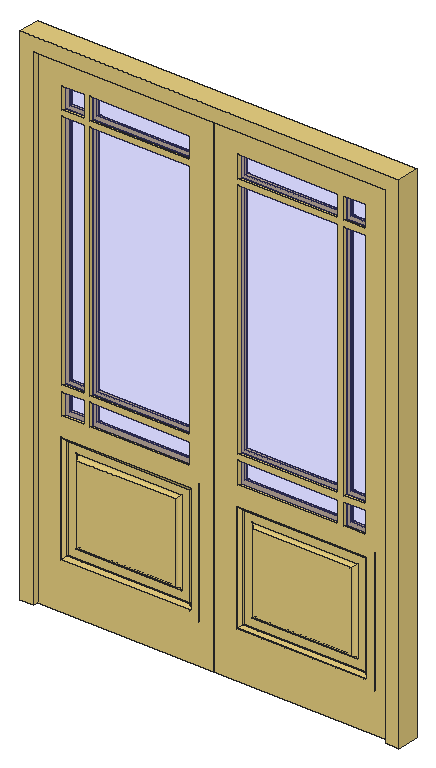
Revit family "DTI_A3-2032X1511-Square-Happy-Door", category Doors, host Wall, Revit 2016
Family settings
  Host = Wall
  Always vertical = Yes
  Cut with Voids When Loaded = No
  Shared = No
  Room Calculation Point = No
Parameters (values of type "2032 x 1511 Square - Happy Door")
  URL = "http://www.kparkerjoinery.co.za/"
  Panel Width = Width - (Frame Width * 2)  # 1401 mm
  Panel Height = Height - Frame Width  # 1977 mm
  Model = "Double"
  Manufcturer Code = "Square - Happy Door"
  Manufacturer = "K. Parker Joinery"
  Height = 2032 mm
  Wall Closure = By host
  Width = 1511 mm
  Half = Panel Width / 2  # 700.5 mm
  Glass Material = Glass
  Function = Interior
  Frame Width = 55 mm
  Frame Thickness = 85 mm
  Frame Material = Kiln Dried Wood
  Assembly Code = "B2030130"
Reference planes
  plane 1 "Center": y = 0
  plane 2 "Center (Left/Right)": x = 0
  plane 3 "Left": x = -755.5
  plane 4 "Right": x = 755.5
  plane 5: z = 2032
  plane 6 "Exterior": y = 75
  plane 7 "Interior": y = -75
Forms (mm)
  Sweep 1, solid, material "Kiln Dried Wood" <- "Frame Material"
    path origin (0, 0, 0) x (1, 0, 0) y (0, 0, 1)
      loop
        line (755.5, 0) -> (755.5, 2032) -> (-755.5, 2032) -> (-755.5, 0)
    profile origin (0, 0, 2032) x (0, 0, -1) y (0, -1, 0)
      loop
        line (0, -42.5) -> (55, -42.5) -> (55, 42.5) -> (0, 42.5) -> (0, -42.5)
Lines and regions (mm)
  Opening 1
    outline origin (-3050, -75, 0) x (1, 0, 0) y (0, 0, 1)
      loop
        line (2294.5, 0) -> (3805.5, 0) -> (3805.5, 2032) -> (2294.5, 2032) -> (2294.5, 0)
  symbolic lines, style "Elevation Swing"
    curve 1: line (700.5, 0, 1977) -> (0, 0, 988.5)
    curve 2: line (0, 0, 988.5) -> (700.5, 0, 0)
    curve 3: line (-700.5, 0, 1977) -> (0, 0, 988.5)
    curve 4: line (-700.5, 0, 0) -> (0, 0, 988.5)
  symbolic lines, style "Plan Swing"
    curve 5: line (-700.5, 22, 0) -> (-700.5, 722.5, 0)
    curve 6: line (-700.5, 722.5, 0) -> (-656.5, 722.5, 0)
    curve 7: line (-656.5, 722.5, 0) -> (-656.5, 22, 0)
    curve 8: line (-656.5, 22, 0) -> (-700.5, 22, 0)
    curve 9: arc (-700.5, 722.5, 0) -> (-205.172, 517.328, 0) -> (0, 22, 0) r 700.5
    curve 10: line (700.5, 22, 0) -> (700.5, 722.5, 0)
    curve 11: line (700.5, 722.5, 0) -> (656.5, 722.5, 0)
    curve 12: line (656.5, 722.5, 0) -> (656.5, 22, 0)
    curve 13: line (656.5, 22, 0) -> (700.5, 22, 0)
    curve 14: arc (700.5, 722.5, 0) -> (205.172, 517.328, 0) -> (0, 22, 0) r 700.5
Text (mm)
  text "Exterior" at (-2295.016, 1099.543, 0), in view "Ref. Level"
  text "Exterior" at (0, 1615.38, 3698.081), in view "Left"
  text "Exterior" at (0, 1036.032, 3874.932), in view "Right"
Dimensions and locks
  equal spacing: plane 3 "Left", plane 2 "Center (Left/Right)", plane 4 "Right"
  "Width": plane 3 "Left" to plane 4 "Right"
  "Height": plane 5 to host wall
  locked: plane 6 "Exterior" to host wall at 0
  locked: plane 7 "Interior" to host wall
  equal spacing: Sweep 1 sketch curve, profile plane, Sweep 1 sketch curve
  "Frame Thickness": Sweep 1 sketch curve to Sweep 1 sketch curve
  "Frame Width": Sweep 1 sketch curve to Sweep 1 sketch curve
  "Half": curve 8 to curve 6
  "Half": curve 13 to curve 11
  aligned and locked: plane 3 "Left" to Opening 1 sketch curve
  aligned and locked: plane 5 to Opening 1 sketch curve  (x2)
  aligned and locked: Opening 1 sketch curve to plane 4 "Right"
  aligned and locked: Opening 1 sketch curve to level
  aligned and locked: plane 1 "Center" to host wall
  aligned and locked: level to Sweep 1 sketch curve  (x2)
  aligned and locked: plane 5 to Sweep 1 sketch curve
  aligned and locked: Sweep 1 sketch curve to plane 4 "Right"
  aligned and locked: Sweep 1 sketch curve to plane 3 "Left"
  aligned and locked: Sweep 1 sketch curve to profile plane
  aligned and locked: plane 2 "Center (Left/Right)" to nested 1
  aligned and locked: plane 1 "Center" to nested 1
Automatic sketch dimensions
  curve 4 to level = 0 mm
  curve 2 to plane 2 "Center (Left/Right)" = 0 mm
  curve 2 to level = 0 mm
  curve 3 to plane 3 "Left" = 55 mm
  curve 4 to plane 3 "Left" = 55 mm
  plane 4 "Right" to curve 2 = 55 mm
  plane 4 "Right" to curve 1 = 55 mm
  level to curve 2 = 988.5 mm
  plane 5 to curve 3 = 55 mm
  plane 5 to curve 1 = 55 mm
  curve 9 to plane 2 "Center (Left/Right)" = 0 mm
  curve 8 to host wall = 22 mm
  curve 9 to curve 6 = 44 mm
  curve 9 to curve 5 = 0 mm
  curve 14 to plane 2 "Center (Left/Right)" = 0 mm
  curve 12 to host wall = 22 mm
  plane 4 "Right" to curve 12 = 99 mm
  curve 11 to curve 11 = 44 mm
Nested families
  nested 1: "Happy Door - Double" at (0, 0, 0) x (-1, 0, 0) z (0, 0, 1), type "Happy Door - Double", detail levels medium+fine
    with Width 1401 mm, Height 1977 mm
Definition of nested family "Happy Door - Double"
  Parameters
    Width = 1206 mm
    Height = 2032 mm
    Glass Material = none
    Frame Material = none
  Reference planes
    plane 1 "Center (Front/Back)": y = 0
    plane 2: z = 0
    plane 3 "Center (Left/Right)": x = 0
    plane 4: x = -603
    plane 5: x = 603
    plane 6: z = 2032
    plane 7: z = 1972
    plane 8: z = 155
    plane 9: z = 1354.667
    plane 10: z = 677.333
    plane 11: z = 682.583
    plane 12: z = 672.083
    plane 13: x = -543
    plane 14: x = -60
    plane 15: x = 60
    plane 16: x = 543
    plane 17: x = -408
    plane 18: z = 1837
    plane 19: z = 817.583
    plane 20: x = 408
  Forms (mm)
    Sweep 1, solid, material <- "Frame Material"
      path origin (0, 0, 0) x (1, 0, 0) y (0, 0, 1)
        loop
          line (-603, 0) -> (0, 0)
      profile "Solid B : Solid B" origin (-301.5, 0, 0) x (0, 0, 1) y (0, -1, 0)
        loop
          line (0, -22) -> (185, -22) -> (185, -20) -> (200, -11) -> (200, -6) -> (155, -6) -> (155, 6) -> (200, 6) -> (200, 11) -> (185, 20) -> (185, 22) -> (0, 22) -> (0, -22)
    Sweep 2, solid, material <- "Frame Material"
      path origin (0, 0, 0) x (1, 0, 0) y (0, 0, 1)
        loop
          line (-603, 677.333) -> (-603, 2032) -> (0, 2032) -> (0, 677.333)
      profile "Glass T : Glass T" origin (-301.5, 0, 2032) x (0, 0, 1) y (0, -1, 0)
        loop
          line (0, -22) -> (0, 22) -> (-95, 22) -> (-95, 20)
          arc (-95, 20) -> (-100.657, 17.657) -> (-103, 12) r 8
          line (-103, 12) -> (-105, 12) -> (-105, 2) -> (-60, 2) -> (-60, -10) -> (-96, -10) -> (-96, -22) -> (0, -22)
    Extrusion 3, solid, material <- "Glass Material"
      sketch origin (0, 0, 0) x (1, 0, 0) y (0, 1, 0)
        loop
          line (-543, 10) -> (-543, -2) -> (-60, -2) -> (-60, 10) -> (-543, 10)
      from 682.583 to 1972
    Sweep 4, solid, material <- "Frame Material"
      path origin (0, 0, 0) x (1, 0, 0) y (0, 0, 1)
        loop
          line (0, 677.333) -> (0, 2032) -> (603, 2032) -> (603, 677.333)
      profile "Glass T : Glass T" origin (301.5, 0, 2032) x (0, 0, 1) y (0, -1, 0)
        loop
          line (0, -22) -> (0, 22) -> (-95, 22) -> (-95, 20)
          arc (-95, 20) -> (-100.657, 17.657) -> (-103, 12) r 8
          line (-103, 12) -> (-105, 12) -> (-105, 2) -> (-60, 2) -> (-60, -10) -> (-96, -10) -> (-96, -22) -> (0, -22)
    Sweep 5, solid, material <- "Frame Material"
      path origin (0, 0, 0) x (1, 0, 0) y (0, 0, 1)
        loop
          line (0, 0) -> (603, 0)
      profile "Solid B : Solid B" origin (301.5, 0, 0) x (0, 0, 1) y (0, -1, 0)
        loop
          line (0, -22) -> (185, -22) -> (185, -20) -> (200, -11) -> (200, -6) -> (155, -6) -> (155, 6) -> (200, 6) -> (200, 11) -> (185, 20) -> (185, 22) -> (0, 22) -> (0, -22)
    Extrusion 6, solid, material <- "Glass Material"
      sketch origin (0, 0, 0) x (1, 0, 0) y (0, 1, 0)
        loop
          line (60, 10) -> (60, -2) -> (543, -2) -> (543, 10) -> (60, 10)
      from 682.583 to 1972
    Sweep 7, solid, material <- "Frame Material"
      path origin (0, 0, 0) x (1, 0, 0) y (0, 0, 1)
        loop
          line (-603, 677.333) -> (0, 677.333)
      profile "Glass M spec : Glass M spec" origin (-301.5, 0, 677.333) x (0, 0, 1) y (0, -1, 0)
        loop
          line (40.25, 22) -> (-35.25, 22) -> (-35.25, 20) -> (-50.25, 11) -> (-50.25, 6) -> (-5.25, 6) -> (-5.25, -6) -> (-50.25, -6) -> (-50.25, -11) -> (-35.25, -20) -> (-35.25, -22) -> (41.25, -22) -> (41.25, -10) -> (5.25, -10) -> (5.25, 2) -> (50.25, 2) -> (50.25, 12) -> (48.25, 12)
          arc (48.25, 12) -> (45.907, 17.657) -> (40.25, 20) r 8
          line (40.25, 20) -> (40.25, 22)
    Sweep 8, solid, material <- "Frame Material"
      path origin (0, 0, 0) x (1, 0, 0) y (0, 0, 1)
        loop
          line (0, 677.333) -> (603, 677.333)
      profile "Glass M spec : Glass M spec" origin (301.5, 0, 677.333) x (0, 0, 1) y (0, -1, 0)
        loop
          line (40.25, 22) -> (-35.25, 22) -> (-35.25, 20) -> (-50.25, 11) -> (-50.25, 6) -> (-5.25, 6) -> (-5.25, -6) -> (-50.25, -6) -> (-50.25, -11) -> (-35.25, -20) -> (-35.25, -22) -> (41.25, -22) -> (41.25, -10) -> (5.25, -10) -> (5.25, 2) -> (50.25, 2) -> (50.25, 12) -> (48.25, 12)
          arc (48.25, 12) -> (45.907, 17.657) -> (40.25, 20) r 8
          line (40.25, 20) -> (40.25, 22)
    Sweep 9, solid, material <- "Frame Material"
      path origin (0, 0, 0) x (1, 0, 0) y (0, 0, 1)
        loop
          line (-603, 677.333) -> (-603, 155)
      profile "Solid T : Solid T" origin (-603, 0, 416.167) x (1, 0, 0) y (0, -1, 0)
        loop
          line (0, -22) -> (90, -22) -> (90, -20) -> (105, -11) -> (105, -6) -> (60, -6) -> (60, 6) -> (105, 6) -> (105, 11) -> (90, 20) -> (90, 22) -> (0, 22) -> (0, -22)
    Sweep 10, solid, material <- "Frame Material"
      path origin (-603, 0, 0) x (-1, 0, 0) y (0, 0, 1)
        loop
          line (-603, 677.333) -> (-603, 155)
      profile "Solid T : Solid T" origin (0, 0, 416.167) x (-1, 0, 0) y (0, 1, 0)
        loop
          line (0, 22) -> (0, -22) -> (90, -22) -> (90, -20) -> (105, -11) -> (105, -6) -> (60, -6) -> (60, 6) -> (105, 6) -> (105, 11) -> (90, 20) -> (90, 22) -> (0, 22)
    Sweep 11, solid, material <- "Frame Material"
      path origin (660, 0, 0) x (1, 0, 0) y (0, 0, 1)
        loop
          line (-660, 677.333) -> (-660, 155)
      profile "Solid T : Solid T" origin (0, 0, 416.167) x (1, 0, 0) y (0, -1, 0)
        loop
          line (0, -22) -> (90, -22) -> (90, -20) -> (105, -11) -> (105, -6) -> (60, -6) -> (60, 6) -> (105, 6) -> (105, 11) -> (90, 20) -> (90, 22) -> (0, 22) -> (0, -22)
    Sweep 12, solid, material <- "Frame Material"
      path origin (0, 0, 0) x (-1, 0, 0) y (0, 0, 1)
        loop
          line (-603, 677.333) -> (-603, 155)
      profile "Solid T : Solid T" origin (603, 0, 416.167) x (-1, 0, 0) y (0, 1, 0)
        loop
          line (0, 22) -> (0, -22) -> (90, -22) -> (90, -20) -> (105, -11) -> (105, -6) -> (60, -6) -> (60, 6) -> (105, 6) -> (105, 11) -> (90, 20) -> (90, 22) -> (0, 22)
    Extrusion 13, solid, material <- "Frame Material"
      sketch origin (0, 0, 0) x (1, 0, 0) y (0, 1, 0)
        loop
          line (-543, 20) -> (-543, -20) -> (-60, -20) -> (-60, 20) -> (-543, 20)
      from 155 to 672.083
    Sweep 14, void
      path origin (0, 0, 0) x (1, 0, 0) y (0, 0, 1)
        loop
          line (-543, 672.083) -> (-543, 155) -> (-60, 155) -> (-60, 672.083) -> (-543, 672.083)
      profile "Void : Void" origin (-301.5, 0, 672.083) x (0, 0, 1) y (0, -1, 0)
        loop
          line (-44.95, -11) -> (-44.95, -6) -> (-78.778, -6)
          arc (-78.778, -6) -> (-88.678, -10.101) -> (-92.778, -20) r 14
          line (-92.778, -20) -> (-92.778, -27) -> (-29.95, -27) -> (-29.95, -20) -> (-44.95, -11)
        loop
          line (-44.95, 11) -> (-29.95, 20) -> (-29.95, 27) -> (-92.778, 27) -> (-92.778, 20)
          arc (-92.778, 20) -> (-88.678, 10.101) -> (-78.778, 6) r 14
          line (-78.778, 6) -> (-44.95, 6) -> (-44.95, 11)
    Extrusion 15, solid, material <- "Frame Material"
      sketch origin (0, 0, 0) x (1, 0, 0) y (0, 1, 0)
        loop
          line (60, 20) -> (60, -20) -> (543, -20) -> (543, 20) -> (60, 20)
      from 155 to 672.083
    Sweep 16, void
      path origin (0, 0, 0) x (1, 0, 0) y (0, 0, 1)
        loop
          line (60, 672.083) -> (60, 155) -> (543, 155) -> (543, 672.083) -> (60, 672.083)
      profile "Void : Void" origin (301.5, 0, 672.083) x (0, 0, 1) y (0, -1, 0)
        loop
          line (-44.95, -11) -> (-44.95, -6) -> (-78.778, -6)
          arc (-78.778, -6) -> (-88.678, -10.101) -> (-92.778, -20) r 14
          line (-92.778, -20) -> (-92.778, -27) -> (-29.95, -27) -> (-29.95, -20) -> (-44.95, -11)
        loop
          line (-44.95, 11) -> (-29.95, 20) -> (-29.95, 27) -> (-92.778, 27) -> (-92.778, 20)
          arc (-92.778, 20) -> (-88.678, 10.101) -> (-78.778, 6) r 14
          line (-78.778, 6) -> (-44.95, 6) -> (-44.95, 11)
    Sweep 17, solid, material <- "Frame Material"
      path origin (0, 0, 0) x (1, 0, 0) y (0, 0, 1)
        loop
          line (-543, 817.583) -> (-60, 817.583)
      profile "Glass S : Glass S" origin (-301.5, 0, 817.583) x (0, 0, 1) y (0, -1, 0)
        loop
          line (-10, 22) -> (-10, 20)
          arc (-10, 20) -> (-15.657, 17.657) -> (-18, 12) r 8
          line (-18, 12) -> (-20, 12) -> (-20, 2) -> (-5.25, 2) -> (-5.25, -10) -> (-11, -10) -> (-11, -22) -> (11, -22) -> (11, -10) -> (5.25, -10) -> (5.25, 2) -> (20, 2) -> (20, 12) -> (18, 12)
          arc (18, 12) -> (15.657, 17.657) -> (10, 20) r 8
          line (10, 20) -> (10, 22) -> (-10, 22)
    Sweep 18, solid, material <- "Frame Material"
      path origin (-47.102, 0, 898.767) x (1, 0, 0) y (0, 0, 1)
        loop
          line (-495.898, 938.233) -> (-12.898, 938.233)
      profile "Glass S : Glass S" origin (-301.5, 0, 1837) x (0, 0, 1) y (0, -1, 0)
        loop
          line (-10, 22) -> (-10, 20)
          arc (-10, 20) -> (-15.657, 17.657) -> (-18, 12) r 8
          line (-18, 12) -> (-20, 12) -> (-20, 2) -> (-5.25, 2) -> (-5.25, -10) -> (-11, -10) -> (-11, -22) -> (11, -22) -> (11, -10) -> (5.25, -10) -> (5.25, 2) -> (20, 2) -> (20, 12) -> (18, 12)
          arc (18, 12) -> (15.657, 17.657) -> (10, 20) r 8
          line (10, 20) -> (10, 22) -> (-10, 22)
    Sweep 19, solid, material <- "Frame Material"
      path origin (712.898, 0, 898.767) x (1, 0, 0) y (0, 0, 1)
        loop
          line (-652.898, 938.233) -> (-169.898, 938.233)
      profile "Glass S : Glass S" origin (301.5, 0, 1837) x (0, 0, 1) y (0, -1, 0)
        loop
          line (-10, 22) -> (-10, 20)
          arc (-10, 20) -> (-15.657, 17.657) -> (-18, 12) r 8
          line (-18, 12) -> (-20, 12) -> (-20, 2) -> (-5.25, 2) -> (-5.25, -10) -> (-11, -10) -> (-11, -22) -> (11, -22) -> (11, -10) -> (5.25, -10) -> (5.25, 2) -> (20, 2) -> (20, 12) -> (18, 12)
          arc (18, 12) -> (15.657, 17.657) -> (10, 20) r 8
          line (10, 20) -> (10, 22) -> (-10, 22)
    Sweep 20, solid, material <- "Frame Material"
      path origin (684.28, 0, 79.266) x (1, 0, 0) y (0, 0, 1)
        loop
          line (-624.28, 738.317) -> (-141.28, 738.317)
      profile "Glass S : Glass S" origin (301.5, 0, 817.583) x (0, 0, 1) y (0, -1, 0)
        loop
          line (-10, 22) -> (-10, 20)
          arc (-10, 20) -> (-15.657, 17.657) -> (-18, 12) r 8
          line (-18, 12) -> (-20, 12) -> (-20, 2) -> (-5.25, 2) -> (-5.25, -10) -> (-11, -10) -> (-11, -22) -> (11, -22) -> (11, -10) -> (5.25, -10) -> (5.25, 2) -> (20, 2) -> (20, 12) -> (18, 12)
          arc (18, 12) -> (15.657, 17.657) -> (10, 20) r 8
          line (10, 20) -> (10, 22) -> (-10, 22)
    Sweep 21, solid, material <- "Frame Material"
      path origin (1143.133, 0, 1322.536) x (-0.156434, 0, 0.987688) y (-0.987688, 0, -0.156434)
        loop
          line (-517.073, 826.192) -> (756.468, 624.483)
      profile "Glass S : Glass S" origin (408, 0, 1327.292) x (-1, 0, 0) y (0, -1, 0)
        loop
          line (-10, 22) -> (-10, 20)
          arc (-10, 20) -> (-15.657, 17.657) -> (-18, 12) r 8
          line (-18, 12) -> (-20, 12) -> (-20, 2) -> (-5.25, 2) -> (-5.25, -10) -> (-11, -10) -> (-11, -22) -> (11, -22) -> (11, -10) -> (5.25, -10) -> (5.25, 2) -> (20, 2) -> (20, 12) -> (18, 12)
          arc (18, 12) -> (15.657, 17.657) -> (10, 20) r 8
          line (10, 20) -> (10, 22) -> (-10, 22)
    Sweep 22, solid, material <- "Frame Material"
      path origin (463.133, 0, 1322.536) x (-0.156434, 0, 0.987688) y (-0.987688, 0, -0.156434)
        loop
          line (-495.798, 960.518) -> (777.743, 758.809)
      profile "Glass S : Glass S" origin (-408, 0, 1327.292) x (-1, 0, 0) y (0, -1, 0)
        loop
          line (-10, 22) -> (-10, 20)
          arc (-10, 20) -> (-15.657, 17.657) -> (-18, 12) r 8
          line (-18, 12) -> (-20, 12) -> (-20, 2) -> (-5.25, 2) -> (-5.25, -10) -> (-11, -10) -> (-11, -22) -> (11, -22) -> (11, -10) -> (5.25, -10) -> (5.25, 2) -> (20, 2) -> (20, 12) -> (18, 12)
          arc (18, 12) -> (15.657, 17.657) -> (10, 20) r 8
          line (10, 20) -> (10, 22) -> (-10, 22)
  Cuts and joins
    Sweep 14 cuts Extrusion 13
    Sweep 16 cuts Extrusion 15
    joined: Sweep 1, Sweep 2, Sweep 7, Sweep 9, Sweep 10, Sweep 17, Sweep 18, Sweep 22
    joined: Sweep 4, Sweep 5, Sweep 8, Sweep 11, Sweep 12, Sweep 19, Sweep 20, Sweep 21
  Dimensions and locks
    equal spacing: plane 4, plane 3 "Center (Left/Right)", plane 5
    "Width": plane 4 to plane 5
    "Height": plane 6 to level
    locked: plane 8 to level at 155
    locked: plane 6 to plane 7 at 60
    equal spacing: plane 6, plane 9, plane 10, level
    locked: plane 11 to plane 10 at 5.25
    locked: plane 12 to plane 10 at 5.25
    locked: plane 4 to plane 13 at 60
    locked: plane 3 "Center (Left/Right)" to plane 14 at 60
    locked: plane 3 "Center (Left/Right)" to plane 15 at 60
    locked: plane 5 to plane 16 at 60
    locked: plane 17 to plane 13 at 135
    locked: plane 16 to plane 20 at 135
    locked: plane 7 to plane 18 at 135
    locked: plane 19 to plane 11 at 135
    aligned and locked: Sweep 1 sketch curve to level
    aligned and locked: plane 4 to Sweep 1 sketch curve
    aligned and locked: Sweep 2 sketch curve to plane 6
    aligned and locked: Sweep 2 sketch curve to plane 4
    aligned and locked: plane 7 to Extrusion 3
    aligned and locked: Sweep 2 sketch curve to plane 3 "Center (Left/Right)"
    aligned and locked: plane 3 "Center (Left/Right)" to Sweep 1 sketch curve
    aligned and locked: Sweep 4 sketch curve to plane 3 "Center (Left/Right)"
    aligned and locked: Sweep 4 sketch curve to plane 6
    aligned and locked: plane 5 to Sweep 4 sketch curve
    aligned and locked: plane 3 "Center (Left/Right)" to Sweep 5 sketch curve
    aligned and locked: plane 5 to Sweep 5 sketch curve
    aligned and locked: Sweep 5 sketch curve to level
    aligned and locked: plane 7 to Extrusion 6
    aligned and locked: plane 4 to Sweep 7 sketch curve
    aligned and locked: plane 3 "Center (Left/Right)" to Sweep 7 sketch curve
    aligned and locked: Sweep 7 sketch curve to plane 10
    aligned and locked: plane 3 "Center (Left/Right)" to Sweep 8 sketch curve
    aligned and locked: plane 5 to Sweep 8 sketch curve
    aligned and locked: Sweep 8 sketch curve to plane 10
    aligned and locked: plane 10 to Sweep 9 sketch curve
    aligned and locked: plane 8 to Sweep 9 sketch curve
    aligned and locked: Sweep 9 sketch curve to plane 4
    aligned and locked: plane 10 to Sweep 10 sketch curve
    aligned and locked: plane 8 to Sweep 10 sketch curve
    aligned and locked: Sweep 10 sketch curve to plane 3 "Center (Left/Right)"
    aligned and locked: plane 11 to Extrusion 6
    aligned and locked: plane 11 to Extrusion 3
    aligned and locked: plane 10 to Sweep 2 sketch curve  (x2)
    aligned and locked: plane 10 to Sweep 11 sketch curve
    aligned and locked: plane 8 to Sweep 11 sketch curve
    aligned and locked: Sweep 11 sketch curve to plane 3 "Center (Left/Right)"
    aligned and locked: plane 10 to Sweep 4 sketch curve  (x2)
    aligned and locked: plane 10 to Sweep 12 sketch curve
    aligned and locked: plane 8 to Sweep 12 sketch curve
    aligned and locked: plane 5 to Sweep 12 sketch curve
    aligned and locked: plane 12 to Extrusion 13
    aligned and locked: Extrusion 13 to plane 8
    aligned and locked: plane 13 to Sweep 14 sketch curve
    aligned and locked: plane 8 to Sweep 14 sketch curve
    aligned and locked: plane 14 to Sweep 14 sketch curve
    aligned and locked: Sweep 14 sketch curve to plane 12
    aligned and locked: plane 15 to Extrusion 15 sketch curve
    aligned and locked: plane 16 to Extrusion 15 sketch curve
    aligned and locked: plane 12 to Extrusion 15
    aligned and locked: Extrusion 15 to plane 8
    aligned and locked: plane 15 to Sweep 16 sketch curve
    aligned and locked: Sweep 16 sketch curve to plane 12
    aligned and locked: plane 8 to Sweep 16 sketch curve
    aligned and locked: plane 16 to Sweep 16 sketch curve
    aligned and locked: plane 13 to Sweep 17 sketch curve
    aligned and locked: plane 14 to Sweep 17 sketch curve
    aligned and locked: Sweep 17 sketch curve to plane 19
    aligned and locked: plane 17 to Sweep 22 sketch curve
    aligned and locked: plane 11 to Sweep 22 sketch curve
    aligned and locked: plane 7 to Sweep 22 sketch curve
    aligned and locked: plane 13 to Sweep 18 sketch curve
    aligned and locked: plane 14 to Sweep 18 sketch curve
    aligned and locked: Sweep 18 sketch curve to plane 18
    aligned and locked: plane 20 to Sweep 21 sketch curve
    aligned and locked: plane 11 to Sweep 21 sketch curve
    aligned and locked: plane 7 to Sweep 21 sketch curve
    aligned and locked: plane 15 to Sweep 20 sketch curve
    aligned and locked: plane 16 to Sweep 20 sketch curve
    aligned and locked: Sweep 20 sketch curve to plane 19
    aligned and locked: plane 15 to Sweep 19 sketch curve
    aligned and locked: plane 16 to Sweep 19 sketch curve
    aligned and locked: Sweep 19 sketch curve to plane 18
  Automatic sketch dimensions
    plane 1 "Center (Front/Back)" to Extrusion 3 sketch curve = 2 mm
    plane 4 to Extrusion 3 sketch curve = 60 mm
    Extrusion 3 sketch curve to plane 3 "Center (Left/Right)" = 60 mm
    Extrusion 3 sketch curve to plane 1 "Center (Front/Back)" = 10 mm
    plane 1 "Center (Front/Back)" to Extrusion 6 sketch curve = 2 mm
    plane 3 "Center (Left/Right)" to Extrusion 6 sketch curve = 60 mm
    plane 5 to Extrusion 6 sketch curve = 60 mm
    Extrusion 6 sketch curve to plane 1 "Center (Front/Back)" = 10 mm
    Extrusion 13 sketch curve to plane 13 = 0 mm
    Extrusion 13 sketch curve to plane 14 = 0 mm
    plane 1 "Center (Front/Back)" to Extrusion 13 sketch curve = 20 mm
    Extrusion 13 sketch curve to plane 1 "Center (Front/Back)" = 20 mm
    plane 1 "Center (Front/Back)" to Extrusion 15 sketch curve = 20 mm
    Extrusion 15 sketch curve to plane 1 "Center (Front/Back)" = 20 mm
